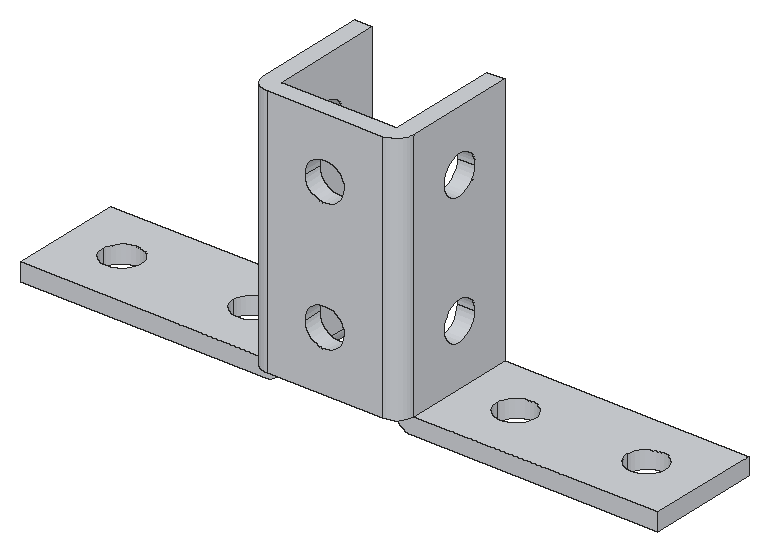
Revit family "Fitting-Wing_Shape-Unistrut-P2347", category Specialty Equipment, Revit 2012
Parameters (values of type "P2347")
  ecoScorecard_data = "http://products.ecoscorecard.com/atkore/P2346"
  ecoScorecard Product Page = "http://products.ecoscorecard.com/atkore/P2346?action=html"
  Weight Per Piece = 1.93 lbf
  Unit = none
  Unistrut Part Number = "P2347"  # constant formula
  URL = "http://unistrut.us/index.php"
  Thickness = 1/4"
  Subcategory = "Wing Shape Fittings"  # constant formula
  Product Page URL = "http://unistrut.us/index.php?WP=cat_detail&S=S05&P=P2347"
  Power Strut Part Number = "PS 913"  # constant formula
  Part Type = "Fitting"  # constant formula
  Overall Width = 9 5/32"
  Overall Length = 1 5/8"
  Overall Height = 3 7/8"
  Model = "P2347"
  Material = ""
  Manufacturer Phone - Toll Free = "800-882-5543"  # constant formula
  Manufacturer Phone = "708-339-1610"  # constant formula
  Manufacturer Fax = "708-339-7814"  # constant formula
  Manufacturer Email = "mailto:jshaw@atkore.com"
  Manufacturer Address = "16100 South Lathrop Avenue, Harvey, IL 60426"  # constant formula
  Manufacturer = "Unistrut by Atkore International"  # constant formula
  Load Capacity Note = "Visit the product page for load application and capacity."  # constant formula
  Literature URL = "http://unistrut.us/index.php?WP=LItLibrary"
  Hole Diameter = 9/16"
  Cost Info = "mailto:jshaw@atkore.com"
  CAD URL = "http://unistrut.us/index.php?WP=CAD3d"
  Assembly Code = "D5020100"
  95 CSI = "16070"  # constant formula
  04 CSI = "26 05 48"  # constant formula
Reference planes (in)
  plane 1 "Center (Front/Back)": y = 0
  plane 2: z = 0
  plane 3 "Center (Left/Right)": x = 0
  plane 4: z = 3.875
  plane 5: x = -4.57812
  plane 6: y = 0.8125
  plane 7: x = 4.57812
  plane 8: y = -0.8125
  plane 9: z = 0.25
  plane 10: x = 1.89062
  plane 11: x = 3.76562
  plane 12: x = -3.76562
  plane 13: x = -1.89062
  plane 14: z = 3
  plane 15: z = 1.125
Dimensions and locks (in)
  "Overall Height": plane 4 to plane 2
  equal spacing: plane 6, plane 1 "Center (Front/Back)", plane 8
  "Overall Length": plane 6 to plane 8
  equal spacing: plane 5, plane 3 "Center (Left/Right)", plane 7
  "Overall Width": plane 5 to plane 7
  "Thickness": plane 9 to plane 2
  aligned and locked: level to plane 2
  aligned and locked: plane 2 to nested 1
  aligned and locked: nested 1 to plane 1 "Center (Front/Back)"
  aligned and locked: nested 1 to plane 3 "Center (Left/Right)"
Nested families (in)
  nested 1: "2347" at (0, -0.9375, 3.875) x (1, 0, 0) z (0, 0, -1), type "2347"
Definition of nested family "2347"
  Parameters (values of type "P2347")
    Width = 9 5/32"
    Unit = none
    Thickness = 1/4"
    Height = 3 7/8"
    Radiuis = Diameter / 2  # 9/32"
    Length = 1 5/8"
    Diameter = 9/16"
    Default Elevation = 0"
    Bolt Length [instance] = 1 1/2"
  Reference planes (in)
    plane 1 "Center (Front/Back)": y = 0
    plane 2: z = 0
    plane 3 "Center (Left/Right)": x = 0
    plane 4: z = 3.875
    plane 5: y = 1.75
    plane 6: x = -4.57812
    plane 7: x = 4.57812
    plane 8: y = 0.125
    plane 9: x = 0.82813
    plane 10: x = -0.82812
    plane 11: z = 3.625
    plane 12: z = 0.875
    plane 13: y = 0.9375
  Forms (in)
    Extrusion 1, solid, material <- "Unit"
      sketch origin (0, 0, 0) x (1, 0, 0) y (0, 1, 0)
        loop
          line (-0.82812, 1.75) -> (-1.07812, 1.75) -> (-1.07812, 0.125)
          arc (-1.07812, 0.125) -> (-1.0049, -0.05178) -> (-0.82813, -0.125) r 0.25
          line (-0.82813, -0.125) -> (0.82812, -0.125)
          arc (0.82812, -0.125) -> (1.0049, -0.05178) -> (1.07812, 0.125) r 0.25
          line (1.07812, 0.125) -> (1.07813, 1.75) -> (0.82813, 1.75) -> (0.82813, 0.125) -> (-0.82812, 0.125) -> (-0.82812, 1.75)
      from 0 to 3.625
    Extrusion 2, solid, material <- "Unit"
      sketch origin (0, 0, 0) x (1, 0, 0) y (0, 0, 1)
        loop
          line (0.82813, 3.625) -> (4.57812, 3.625) -> (4.57812, 3.875) -> (1.04554, 3.875)
          arc (1.04554, 3.875) -> (0.8918, 3.81132) -> (0.82813, 3.65759) r 0.21741
          line (0.82813, 3.65759) -> (0.82813, 3.625)
        loop
          line (-0.82812, 3.625) -> (-0.82813, 3.65759)
          arc (-0.82813, 3.65759) -> (-0.8918, 3.81132) -> (-1.04554, 3.875) r 0.21741
          line (-1.04554, 3.875) -> (-4.57812, 3.875) -> (-4.57812, 3.625) -> (-0.82812, 3.625)
      from -1.75 to -0.125
    Extrusion 3, void
      sketch origin (0, 0, 0) x (1, 0, 0) y (0, 1, 0)
        loop
          circle (3.76562, 0.9375) r 0.28125
        loop
          circle (1.89062, 0.9375) r 0.28125
        loop
          circle (-3.76562, 0.9375) r 0.28125
        loop
          circle (-1.89062, 0.9375) r 0.28125
      from 3.625 to 3.875
    Extrusion 4, void
      sketch origin (0, 0, 0) x (1, 0, 0) y (0, 0, 1)
        loop
          circle (0, 0.875) r 0.28125
        loop
          circle (0, 2.75) r 0.28125
      from -0.125 to 0.125
    Extrusion 5, void
      sketch origin (0, 0, 0) x (0, 1, 0) y (0, 0, 1)
        loop
          circle (0.9375, 0.875) r 0.28125
        loop
          circle (0.9375, 2.75) r 0.28125
      from -1.07812 to 1.07813
  Cuts and joins
    Extrusion 3, Extrusion 4, Extrusion 5 cuts Extrusion 1
    Extrusion 3, Extrusion 4, Extrusion 5 cuts Extrusion 2
    joined: Extrusion 1, Extrusion 2
  Dimensions and locks (in)
    "Height": plane 4 to plane 2
    equal spacing: plane 6, plane 3 "Center (Left/Right)", plane 7
    "Width": plane 6 to plane 7
    equal spacing: plane 10, plane 3 "Center (Left/Right)", plane 9
    plane 10 to plane 9 = 1 21/32"
    "Thickness": plane 4 to plane 11
    "Length": plane 5 to plane 8
    equal spacing: plane 5, plane 13, plane 8
    locked: plane 11 to Extrusion 4 sketch curve at 0.875
    locked: Extrusion 3 sketch curve to plane 7 at 0.8125
    locked: plane 9 to Extrusion 3 sketch curve at 1.0625
    locked: plane 6 to Extrusion 3 sketch curve at 0.8125
    locked: Extrusion 3 sketch curve to plane 10 at 1.0625
    "Radiuis": radius of Extrusion 4 sketch curve  (x2)
    "Radiuis": radius of Extrusion 5 sketch curve  (x2)
    "Radiuis": radius of Extrusion 3 sketch curve  (x4)
    aligned and locked: level to plane 2
    aligned and locked: Extrusion 1 sketch curve to plane 10
    aligned and locked: Extrusion 1 sketch curve to plane 8
    aligned and locked: Extrusion 1 sketch curve to plane 9
    aligned and locked: Extrusion 1 to plane 2
    aligned and locked: plane 11 to Extrusion 1
    aligned and locked: Extrusion 2 sketch curve to Extrusion 1
    aligned and locked: plane 4 to Extrusion 2 sketch curve
    aligned and locked: Extrusion 2 sketch curve to plane 7
    aligned and locked: plane 5 to Extrusion 2
    aligned and locked: plane 11 to Extrusion 2 sketch curve
    aligned and locked: plane 6 to Extrusion 2 sketch curve
    aligned and locked: Extrusion 2 sketch curve to plane 4
    aligned and locked: Extrusion 2 to plane 8
    aligned and locked: Extrusion 1 sketch curve to plane 5
    aligned and locked: Extrusion 2 sketch curve to plane 9
    aligned and locked: Extrusion 2 sketch curve to plane 10
    aligned and locked: Extrusion 3 to Extrusion 1
    aligned and locked: Extrusion 2 to Extrusion 3
    aligned and locked: plane 3 "Center (Left/Right)" to Extrusion 4 sketch curve
    aligned and locked: Extrusion 1 to Extrusion 4  (x2)
    aligned and locked: plane 12 to Extrusion 5 sketch curve
    aligned and locked: Extrusion 1 to Extrusion 5  (x2)
  Automatic sketch dimensions
    plane 11 to Extrusion 2 sketch curve = 0.03259"  (x2)
    Extrusion 1 sketch curve to plane 8 = 0"  (x2)
    Extrusion 1 sketch curve to plane 10 = 0"  (x2)
    Extrusion 1 sketch curve to plane 9 = 0"
    Extrusion 1 sketch curve to plane 5 = 0"
    Extrusion 1 sketch curve to plane 10 = 1/4"
    Extrusion 4 sketch curve to plane 3 "Center (Left/Right)" = 0"
    Extrusion 4 sketch curve to plane 12 = 0"
    Extrusion 5 sketch curve to plane 13 = 0"  (x2)
    Extrusion 5 sketch curve to plane 11 = 7/8"
    plane 13 to Extrusion 3 sketch curve = 0"  (x4)
